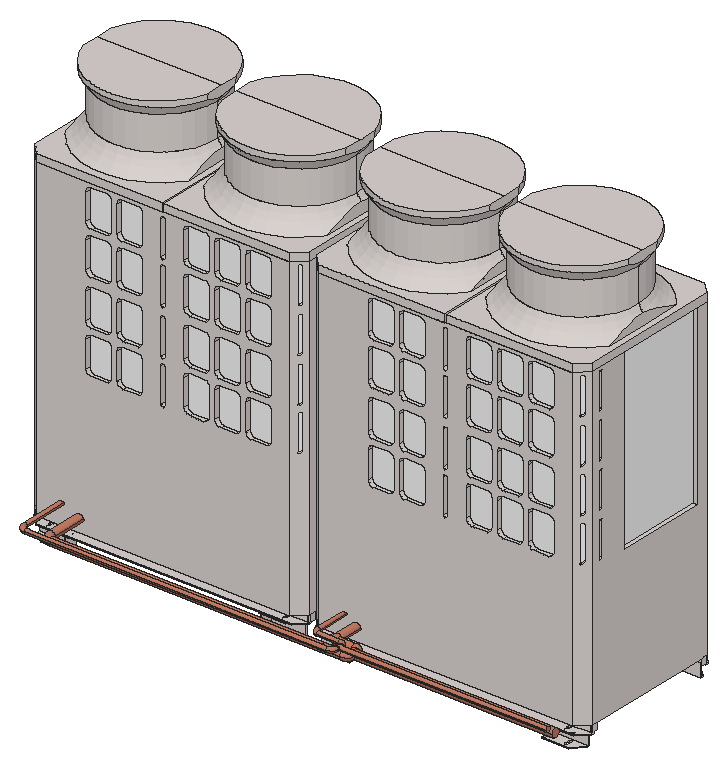
Revit family "PUHY-P800YSNW-A1", category Mechanical Equipment, Revit 2016
Family settings
  Part Type = Normal
  Round Connector Dimension = Use Radius
  OmniClass Number = 23.75.00.00
  OmniClass Title = Climate Control (HVAC)
  Work Plane-Based = No
  Always vertical = Yes
  Cut with Voids When Loaded = No
  Shared = No
  Room Calculation Point = No
Parameters (values of type "PUHY-P800YSNW-A1_415V_60Hz")
  Model = "PUHY-P800YSNW-A1"
  Width = 2510.000 mm
  WarrantyStart = ""
  Voltage = 415 V
  Unit Weight (kg) = 570
  URL = "http://www.mitsubishielectric.com/"
  Temp. range of heating (Outdoor temp.) (W.B.) = "-20.0 to 15.5"
  Temp. range of heating (Indoor temp.) (D.B.) = "15.0 to 27.0"
  Temp. range of cooling (Outdoor temp.) (D.B.) = "-5.0 to 52.0"
  Temp. range of cooling (Indoor temp.) (W.B.) = "15.0 to 24.0"
  TagNumber = 0
  Subcategory = "HVAC"
  Space View = yes
  Sound Pressure Level (dB(A)) Heating mode = 71
  Sound Pressure Level (dB(A)) Cooling mode = 67.5
  SerialNumber = 0
  ReplacementYear = ""
  Refrigerant type = "R410A"
  Refrigerant Charge (kg) = 20.6
  Protection Devices_Inverter circuit (COMP./FAN) = "Over-current protection"
  Protection Devices_High pressure (MPa) = "High pressure sensor, High pressure switch at 4.15"
  Phase = 3
  Manufacturer = "Mitsubishi Electric Corporation"
  Outdoor unit 2 Breaker size (A) = 40
  Outdoor unit 1 Breaker size (A) = 60
  Note_1 = "Refrigerant pipe diameters may change depending on the installation condition. Please refer to the installation manual."
  Maximum Circuit Ampacity (A) = 63.5
  Liquid pipe_radius = 9.525 mm
  InstallationDate = ""
  Indoor Unit Total Capacity = "50 to 130% of outdoor unit capacity"
  Indoor Unit Model/Quantity = "P10 to P250/2 to 50"
  Hertz = 60 Hz
  Height = 1858.000 mm
  Heating SCOP (kW/kW) = 3.88
  Heating Rated Load Ampacity (A) = 38.4
  Heating Power Input (kW) = 24.87
  Heating Power Input (Nominal) (kW) = 20.97
  Heating Current Input (Nominal) (A) = 32.4
  Heating Current Input (A) = 38.4
  Heating Capacity (kW) = 100
  Heating Capacity (Nominal) (kW) = 90
  Heating COP (kW/kW) = 4.02
  Heating COP (Nominal) (kW/kW) = 4.29
  Gas pipe_radius = 17.465 mm
  Fan_Type = "Propeller Fan"
  Fan_Quantity = 4
  Fan Motor Output (kW) = 1.84
  External static pressure (Pa) = 0
  External Finish = "Pre-coated galvanized steel sheets (+powder coating for -BS type) <MUNSELL 3Y 7.8/1.1 or similar>"
  Equip_description = ""
  Equip_No. = 0
  Equip_ID = ""
  Description = ""
  Depth = 740.000 mm
  CreatedOn = ""
  CreatedBy = ""
  Cooling SEER (kW/kW) = 6.48
  Cooling Rated Load Ampacity (A) = 40.6
  Cooling Power Input (kW) = 26.31
  Cooling EER (kW/kW) = 3.42
  Cooling Current Input (A) = 40.6
  Cooling Capacity (kW) = 90
  Compressor_Type = "Inverter scroll hermetic compressor"
  Compressor_Quantity = 2
  Compressor_Lubricant = "MEL32"
  Compressor Motor Output (kW) = 20.3
  Category = ""
  Barcode = ""
  AssetIdentifier = ""
  Airflow Rate (m3/min) = 575
  Airflow Rate (m3/h) = 34500
Reference planes
  plane 1 "Center (Front/Back)": y = 0
  plane 2: z = 0
  plane 3 "Center (Left/Right)": x = 0
  plane 4: y = 370
  plane 5 "front": y = -370
  plane 6: x = -1255
  plane 7: x = 1255
  plane 8: x = 15
  plane 9: x = -15
  plane 10: z = 1858
Forms (mm)
  Sweep 1, solid, material "Copper"
    path origin (1017.215, -4.248, 187) x (0, -1, 0) y (1, 0, 0)
      loop
        line (360, -2112.386) -> (570, -2112.386)
        arc (570, -2112.386) -> (591.213, -2103.6) -> (600, -2082.386) r 30
        line (600, -2082.386) -> (600, -725.507)
        arc (600, -725.507) -> (594.142, -711.365) -> (580, -705.507) r 20
        line (580, -705.507) -> (552.385, -705.507)
        arc (552.385, -705.507) -> (538.243, -711.365) -> (532.385, -725.507) r 20
        line (532.385, -725.507) -> (532.385, -821.501)
        arc (532.385, -821.501) -> (526.527, -835.643) -> (512.385, -841.501) r 20
        line (512.385, -841.501) -> (357.385, -841.501)
    profile origin (-1095.172, -469.248, 187) x (1, 0, 0) y (0, 0, 1)
      loop
        circle (0, 0) r 9.525
  Sweep 2, solid, material "Copper"
    path origin (1039.386, -4.248, 155) x (0, -1, 0) y (1, 0, 0)
      loop
        line (360, -2053) -> (525, -2053)
        arc (525, -2053) -> (546.213, -2044.213) -> (555, -2023) r 30
        line (555, -2023) -> (555, -800.253) -> (555, -715.253)
        arc (555, -715.253) -> (549.142, -701.111) -> (535, -695.253) r 20
        line (535, -695.253) -> (510, -695.253)
        arc (510, -695.253) -> (495.858, -701.111) -> (490, -715.253) r 20
        line (490, -715.253) -> (490, -786.253)
        arc (490, -786.253) -> (484.142, -800.395) -> (470, -806.253) r 20
        line (470, -806.253) -> (360, -806.253)
    profile origin (-1013.614, -446.748, 155) x (1, 0, 0) y (0, 0, 1)
      loop
        circle (0, 0) r 17.465
  Sweep 3, solid, material "Copper"
    path origin (934.386, -4.248, 187) x (0, -1, 0) y (1, 0, 0)
      loop
        line (565.96, -620) -> (565.96, 320.614)
    profile origin (784.693, -570.208, 187) x (0, 1, 0) y (0, 0, 1)
      loop
        circle (0, 0) r 9.525
  Sweep 4, solid, material "Copper"
    path origin (934.386, -4.248, 155.027) x (-1, 0, 0) y (0, -1, 0)
      loop
        line (585, 523.84) -> (-320, 523.84)
    profile origin (801.886, -528.088, 155.027) x (0, 1, 0) y (0, 0, 1)
      loop
        circle (0, 0) r 17.465
Dimensions and locks
  nested 1 to nested 1 = 1240.000 mm
  nested 1 to nested 2 to nested 2 = 30.000 mm, 1240.000 mm
  "Liquid pipe_radius": radius of Sweep 3 sketch curve
  "Gas pipe_radius": radius of Sweep 4 sketch curve
  aligned and locked: level to plane 2
Automatic sketch dimensions
  Sweep 1 sketch curve to plane 5 "front" = 8.366 mm
  Sweep 1 sketch curve to plane 5 "front" = 5.752 mm
  plane 5 "front" to Sweep 1 sketch curve = 146.634 mm
  Sweep 1 sketch curve to Sweep 1 sketch curve = 20.000 mm  (x2)
  plane 5 "front" to Sweep 1 sketch curve = 204.248 mm
  Sweep 1 sketch curve to Sweep 1 sketch curve = 27.615 mm
  Sweep 1 sketch curve to Sweep 1 sketch curve = 30.000 mm
  plane 6 to Sweep 1 sketch curve = 159.828 mm
  plane 3 "Center (Left/Right)" to Sweep 1 sketch curve = 175.714 mm
  Sweep 1 sketch curve to Sweep 1 sketch curve = 95.994 mm
  profile plane to Sweep 1 sketch curve = 0.000 mm
  Sweep 1 sketch curve to profile plane = 0.000 mm
  Sweep 2 sketch curve to plane 5 "front" = 5.752 mm  (x2)
  plane 5 "front" to Sweep 2 sketch curve = 104.248 mm
  Sweep 2 sketch curve to Sweep 2 sketch curve = 20.000 mm  (x3)
  plane 5 "front" to Sweep 2 sketch curve = 159.248 mm
  Sweep 2 sketch curve to Sweep 2 sketch curve = 25.000 mm
  plane 6 to Sweep 2 sketch curve = 241.386 mm
  plane 3 "Center (Left/Right)" to Sweep 2 sketch curve = 239.134 mm
  Sweep 2 sketch curve to Sweep 2 sketch curve = 6.000 mm
  Sweep 2 sketch curve to Sweep 2 sketch curve = 71.000 mm
  profile plane to Sweep 2 sketch curve = 0.000 mm
  Sweep 2 sketch curve to profile plane = 0.000 mm
  Sweep 3 sketch curve to plane 7 = 0.000 mm
  plane 5 "front" to Sweep 3 sketch curve = 200.208 mm
  plane 8 to Sweep 3 sketch curve = 299.386 mm
  Sweep 4 sketch curve to plane 7 = 0.614 mm
  plane 5 "front" to Sweep 4 sketch curve = 158.088 mm
  plane 8 to Sweep 4 sketch curve = 334.386 mm
  Sweep 3 sketch curve to profile plane = 0.000 mm  (x2)
  Sweep 4 sketch curve to profile plane = 0.000 mm  (x2)
  radius of Sweep 1 sketch curve = 9.525 mm
  radius of Sweep 2 sketch curve = 17.465 mm
Nested families
  nested 1: "PUHY-P450YNW-A1" at (-635, 0, 0), type "PUHY-P450YNW-A1"
  nested 2: "PUHY-P350YNW-A1" at (635, 0, 0), type "PUHY-P350YNW-A1"
Connectors
  piping at (1254.386, -528.088, 155.027), diameter 34.93, driven by "Gas pipe_radius"
    settings: on Sweep 4, index 1, connector inside diameter 34.93 mm, connector length 0.000 mm, flow factor 0, pipe flow 0.0 L/s, pressure drop 0.0 Pa, fitting loss kfactor 0, connector angle 0.00°, fixture units 0, engagement length 0.000 mm, angle of deflection 0.00°, flow configuration 0, flow direction 0, fitting loss method 0, system type 22, joint type 0, gender type 0, connector reference index -1, connector utility 0, adjustable connector no, is connector primary yes, connector description "Indoor unit-Twinning pipe(Gas)"
  piping at (1255, -570.208, 187), diameter 19.05, driven by "Liquid pipe_radius"
    settings: on Sweep 3, index 2, connector inside diameter 19.05 mm, connector length 0.000 mm, flow factor 0, pipe flow 0.0 L/s, pressure drop 0.0 Pa, fitting loss kfactor 0, connector angle 0.00°, fixture units 0, engagement length 0.000 mm, angle of deflection 0.00°, flow configuration 0, flow direction 0, fitting loss method 0, system type 22, joint type 0, gender type 0, connector reference index -1, connector utility 0, adjustable connector no, is connector primary no, connector description "Indoor unit-Twinning pipe(Liquid)"
  electrical at (319, -370, 280), driven by "Phase", driven by "Voltage"
    settings: index 4, voltage 415 V, apparent load 0 VA, apparent load phase1 0 VA, apparent load phase2 0 VA, apparent load phase3 0 VA, power factor 1, load classification "HVAC", number of poles 3, system type 30, power factor state 1, is connector primary yes, connector utility no, sub classification motor no, connector description ""
  electrical at (-633, -370, 280), driven by "Phase", driven by "Voltage"
    settings: index 5, voltage 415 V, apparent load 0 VA, apparent load phase1 0 VA, apparent load phase2 0 VA, apparent load phase3 0 VA, power factor 1, load classification "HVAC", number of poles 3, system type 30, power factor state 1, is connector primary no, connector utility no, sub classification motor no, connector description ""
Definition of nested family "PUHY-P450YNW-A1"
  Parameters (values of type "PUHY-P450YNW-A1")
    Model = "PUHY-P400YNW-A"
    URL = "http://www.mitsubishielectric.com/"
    Manufacturer = "Mitsubishi Electric Corporation"
    Liquid pipe_radius = 12.700 mm
    Gas pipe_radius = 14.290 mm
  Reference planes
    plane 1 "Center (Front/Back)": y = 0
    plane 2: z = 0
    plane 3 "Center (Left/Right)": x = 0
    plane 4: y = 370
    plane 5: z = 1858
    plane 6: y = -260
    plane 7: y = -204
    plane 8: y = -185
    plane 9: x = -620
    plane 10: x = 620
    plane 11: x = -620
    plane 12: z = 716
    plane 13: x = -524
    plane 14: z = 669
    plane 15: x = -50.5
    plane 16: x = 51
    plane 17: x = 489
    plane 18: x = 467
    plane 19 "132": x = 488
    plane 20 "100": z = 160
    plane 21: z = 185
    plane 22: x = 413
    plane 23: x = 364
    plane 24: z = 150
    plane 25: x = -287.25
    plane 26: x = -137.25
    plane 27: x = -272.25
    plane 28: y = -278
    plane 29: z = 1509
    plane 30: y = -370
    plane 31: x = -530
    plane 32: x = 530
    plane 33 "179": y = -191
  Forms (mm)
    Extrusion 1, solid
      sketch origin (-1, 0, 113) x (-1, 0, 0) y (0, -1, 0)
        loop
          line (569, -370) -> (619, -320) -> (619, 320) -> (569, 370) -> (-571, 370) -> (-621, 320) -> (-621, -320) -> (-571, -370) -> (569, -370)
      from -18 to 1408
    Extrusion 2, void
      sketch origin (524, -370, 113) x (1, 0, 0) y (0, 0, -1)
        loop
          arc (-60.8, -1393.5) -> (-42.557, -1385.943) -> (-35, -1367.7) r 25.8
          line (-35, -1367.7) -> (-35, -1248.5)
          arc (-35, -1248.5) -> (-42.557, -1230.257) -> (-60.8, -1222.7) r 25.8
          line (-60.8, -1222.7) -> (-126, -1222.7)
          arc (-126, -1222.7) -> (-144.243, -1230.257) -> (-151.8, -1248.5) r 25.8
          line (-151.8, -1248.5) -> (-151.8, -1367.7)
          arc (-151.8, -1367.7) -> (-144.243, -1385.943) -> (-126, -1393.5) r 25.8
          line (-126, -1393.5) -> (-60.8, -1393.5)
      from 0 to 20
    Extrusion 3, void
      sketch origin (524, -370, -81) x (1, 0, 0) y (0, 0, -1)
        loop
          arc (-60.8, -1393.5) -> (-42.557, -1385.943) -> (-35, -1367.7) r 25.8
          line (-35, -1367.7) -> (-35, -1248.5)
          arc (-35, -1248.5) -> (-42.557, -1230.257) -> (-60.8, -1222.7) r 25.8
          line (-60.8, -1222.7) -> (-126, -1222.7)
          arc (-126, -1222.7) -> (-144.243, -1230.257) -> (-151.8, -1248.5) r 25.8
          line (-151.8, -1248.5) -> (-151.8, -1367.7)
          arc (-151.8, -1367.7) -> (-144.243, -1385.943) -> (-126, -1393.5) r 25.8
          line (-126, -1393.5) -> (-60.8, -1393.5)
      from 0 to 20
    Extrusion 4, void
      sketch origin (524, -370, -287) x (1, 0, 0) y (0, 0, -1)
        loop
          arc (-60.8, -1393.5) -> (-42.557, -1385.943) -> (-35, -1367.7) r 25.8
          line (-35, -1367.7) -> (-35, -1248.5)
          arc (-35, -1248.5) -> (-42.557, -1230.257) -> (-60.8, -1222.7) r 25.8
          line (-60.8, -1222.7) -> (-126, -1222.7)
          arc (-126, -1222.7) -> (-144.243, -1230.257) -> (-151.8, -1248.5) r 25.8
          line (-151.8, -1248.5) -> (-151.8, -1367.7)
          arc (-151.8, -1367.7) -> (-144.243, -1385.943) -> (-126, -1393.5) r 25.8
          line (-126, -1393.5) -> (-60.8, -1393.5)
      from 0 to 20
    Extrusion 5, void
      sketch origin (524, -370, -481) x (1, 0, 0) y (0, 0, -1)
        loop
          arc (-60.8, -1393.5) -> (-42.557, -1385.943) -> (-35, -1367.7) r 25.8
          line (-35, -1367.7) -> (-35, -1248.5)
          arc (-35, -1248.5) -> (-42.557, -1230.257) -> (-60.8, -1222.7) r 25.8
          line (-60.8, -1222.7) -> (-126, -1222.7)
          arc (-126, -1222.7) -> (-144.243, -1230.257) -> (-151.8, -1248.5) r 25.8
          line (-151.8, -1248.5) -> (-151.8, -1367.7)
          arc (-151.8, -1367.7) -> (-144.243, -1385.943) -> (-126, -1393.5) r 25.8
          line (-126, -1393.5) -> (-60.8, -1393.5)
      from 0 to 20
    Extrusion 6, void
      sketch origin (384, -370, 113) x (1, 0, 0) y (0, 0, -1)
        loop
          arc (-60.8, -1393.5) -> (-42.557, -1385.943) -> (-35, -1367.7) r 25.8
          line (-35, -1367.7) -> (-35, -1248.5)
          arc (-35, -1248.5) -> (-42.557, -1230.257) -> (-60.8, -1222.7) r 25.8
          line (-60.8, -1222.7) -> (-126, -1222.7)
          arc (-126, -1222.7) -> (-144.243, -1230.257) -> (-151.8, -1248.5) r 25.8
          line (-151.8, -1248.5) -> (-151.8, -1367.7)
          arc (-151.8, -1367.7) -> (-144.243, -1385.943) -> (-126, -1393.5) r 25.8
          line (-126, -1393.5) -> (-60.8, -1393.5)
      from 0 to 20
    Extrusion 7, void
      sketch origin (384, -370, -81) x (1, 0, 0) y (0, 0, -1)
        loop
          arc (-60.8, -1393.5) -> (-42.557, -1385.943) -> (-35, -1367.7) r 25.8
          line (-35, -1367.7) -> (-35, -1248.5)
          arc (-35, -1248.5) -> (-42.557, -1230.257) -> (-60.8, -1222.7) r 25.8
          line (-60.8, -1222.7) -> (-126, -1222.7)
          arc (-126, -1222.7) -> (-144.243, -1230.257) -> (-151.8, -1248.5) r 25.8
          line (-151.8, -1248.5) -> (-151.8, -1367.7)
          arc (-151.8, -1367.7) -> (-144.243, -1385.943) -> (-126, -1393.5) r 25.8
          line (-126, -1393.5) -> (-60.8, -1393.5)
      from 0 to 20
    Extrusion 8, void
      sketch origin (384, -370, -287) x (1, 0, 0) y (0, 0, -1)
        loop
          arc (-60.8, -1393.5) -> (-42.557, -1385.943) -> (-35, -1367.7) r 25.8
          line (-35, -1367.7) -> (-35, -1248.5)
          arc (-35, -1248.5) -> (-42.557, -1230.257) -> (-60.8, -1222.7) r 25.8
          line (-60.8, -1222.7) -> (-126, -1222.7)
          arc (-126, -1222.7) -> (-144.243, -1230.257) -> (-151.8, -1248.5) r 25.8
          line (-151.8, -1248.5) -> (-151.8, -1367.7)
          arc (-151.8, -1367.7) -> (-144.243, -1385.943) -> (-126, -1393.5) r 25.8
          line (-126, -1393.5) -> (-60.8, -1393.5)
      from 0 to 20
    Extrusion 9, void
      sketch origin (384, -370, -481) x (1, 0, 0) y (0, 0, -1)
        loop
          arc (-60.8, -1393.5) -> (-42.557, -1385.943) -> (-35, -1367.7) r 25.8
          line (-35, -1367.7) -> (-35, -1248.5)
          arc (-35, -1248.5) -> (-42.557, -1230.257) -> (-60.8, -1222.7) r 25.8
          line (-60.8, -1222.7) -> (-126, -1222.7)
          arc (-126, -1222.7) -> (-144.243, -1230.257) -> (-151.8, -1248.5) r 25.8
          line (-151.8, -1248.5) -> (-151.8, -1367.7)
          arc (-151.8, -1367.7) -> (-144.243, -1385.943) -> (-126, -1393.5) r 25.8
          line (-126, -1393.5) -> (-60.8, -1393.5)
      from 0 to 20
    Extrusion 10, void
      sketch origin (244, -370, 113) x (1, 0, 0) y (0, 0, -1)
        loop
          arc (-60.8, -1393.5) -> (-42.557, -1385.943) -> (-35, -1367.7) r 25.8
          line (-35, -1367.7) -> (-35, -1248.5)
          arc (-35, -1248.5) -> (-42.557, -1230.257) -> (-60.8, -1222.7) r 25.8
          line (-60.8, -1222.7) -> (-126, -1222.7)
          arc (-126, -1222.7) -> (-144.243, -1230.257) -> (-151.8, -1248.5) r 25.8
          line (-151.8, -1248.5) -> (-151.8, -1367.7)
          arc (-151.8, -1367.7) -> (-144.243, -1385.943) -> (-126, -1393.5) r 25.8
          line (-126, -1393.5) -> (-60.8, -1393.5)
      from 0 to 20
    Extrusion 11, void
      sketch origin (244, -370, -81) x (1, 0, 0) y (0, 0, -1)
        loop
          arc (-60.8, -1393.5) -> (-42.557, -1385.943) -> (-35, -1367.7) r 25.8
          line (-35, -1367.7) -> (-35, -1248.5)
          arc (-35, -1248.5) -> (-42.557, -1230.257) -> (-60.8, -1222.7) r 25.8
          line (-60.8, -1222.7) -> (-126, -1222.7)
          arc (-126, -1222.7) -> (-144.243, -1230.257) -> (-151.8, -1248.5) r 25.8
          line (-151.8, -1248.5) -> (-151.8, -1367.7)
          arc (-151.8, -1367.7) -> (-144.243, -1385.943) -> (-126, -1393.5) r 25.8
          line (-126, -1393.5) -> (-60.8, -1393.5)
      from 0 to 20
    Extrusion 12, void
      sketch origin (244, -370, -287) x (1, 0, 0) y (0, 0, -1)
        loop
          arc (-60.8, -1393.5) -> (-42.557, -1385.943) -> (-35, -1367.7) r 25.8
          line (-35, -1367.7) -> (-35, -1248.5)
          arc (-35, -1248.5) -> (-42.557, -1230.257) -> (-60.8, -1222.7) r 25.8
          line (-60.8, -1222.7) -> (-126, -1222.7)
          arc (-126, -1222.7) -> (-144.243, -1230.257) -> (-151.8, -1248.5) r 25.8
          line (-151.8, -1248.5) -> (-151.8, -1367.7)
          arc (-151.8, -1367.7) -> (-144.243, -1385.943) -> (-126, -1393.5) r 25.8
          line (-126, -1393.5) -> (-60.8, -1393.5)
      from 0 to 20
    Extrusion 13, void
      sketch origin (244, -370, -481) x (1, 0, 0) y (0, 0, -1)
        loop
          arc (-60.8, -1393.5) -> (-42.557, -1385.943) -> (-35, -1367.7) r 25.8
          line (-35, -1367.7) -> (-35, -1248.5)
          arc (-35, -1248.5) -> (-42.557, -1230.257) -> (-60.8, -1222.7) r 25.8
          line (-60.8, -1222.7) -> (-126, -1222.7)
          arc (-126, -1222.7) -> (-144.243, -1230.257) -> (-151.8, -1248.5) r 25.8
          line (-151.8, -1248.5) -> (-151.8, -1367.7)
          arc (-151.8, -1367.7) -> (-144.243, -1385.943) -> (-126, -1393.5) r 25.8
          line (-126, -1393.5) -> (-60.8, -1393.5)
      from 0 to 20
    Extrusion 14, void
      sketch origin (-56, -370, 113) x (1, 0, 0) y (0, 0, -1)
        loop
          arc (-60.8, -1393.5) -> (-42.557, -1385.943) -> (-35, -1367.7) r 25.8
          line (-35, -1367.7) -> (-35, -1248.5)
          arc (-35, -1248.5) -> (-42.557, -1230.257) -> (-60.8, -1222.7) r 25.8
          line (-60.8, -1222.7) -> (-126, -1222.7)
          arc (-126, -1222.7) -> (-144.243, -1230.257) -> (-151.8, -1248.5) r 25.8
          line (-151.8, -1248.5) -> (-151.8, -1367.7)
          arc (-151.8, -1367.7) -> (-144.243, -1385.943) -> (-126, -1393.5) r 25.8
          line (-126, -1393.5) -> (-60.8, -1393.5)
      from 0 to 20
    Extrusion 15, void
      sketch origin (-56, -370, -81) x (1, 0, 0) y (0, 0, -1)
        loop
          arc (-60.8, -1393.5) -> (-42.557, -1385.943) -> (-35, -1367.7) r 25.8
          line (-35, -1367.7) -> (-35, -1248.5)
          arc (-35, -1248.5) -> (-42.557, -1230.257) -> (-60.8, -1222.7) r 25.8
          line (-60.8, -1222.7) -> (-126, -1222.7)
          arc (-126, -1222.7) -> (-144.243, -1230.257) -> (-151.8, -1248.5) r 25.8
          line (-151.8, -1248.5) -> (-151.8, -1367.7)
          arc (-151.8, -1367.7) -> (-144.243, -1385.943) -> (-126, -1393.5) r 25.8
          line (-126, -1393.5) -> (-60.8, -1393.5)
      from 0 to 20
    Extrusion 16, void
      sketch origin (-56, -370, -287) x (1, 0, 0) y (0, 0, -1)
        loop
          arc (-60.8, -1393.5) -> (-42.557, -1385.943) -> (-35, -1367.7) r 25.8
          line (-35, -1367.7) -> (-35, -1248.5)
          arc (-35, -1248.5) -> (-42.557, -1230.257) -> (-60.8, -1222.7) r 25.8
          line (-60.8, -1222.7) -> (-126, -1222.7)
          arc (-126, -1222.7) -> (-144.243, -1230.257) -> (-151.8, -1248.5) r 25.8
          line (-151.8, -1248.5) -> (-151.8, -1367.7)
          arc (-151.8, -1367.7) -> (-144.243, -1385.943) -> (-126, -1393.5) r 25.8
          line (-126, -1393.5) -> (-60.8, -1393.5)
      from 0 to 20
    Extrusion 17, void
      sketch origin (-56, -370, -481) x (1, 0, 0) y (0, 0, -1)
        loop
          arc (-60.8, -1393.5) -> (-42.557, -1385.943) -> (-35, -1367.7) r 25.8
          line (-35, -1367.7) -> (-35, -1248.5)
          arc (-35, -1248.5) -> (-42.557, -1230.257) -> (-60.8, -1222.7) r 25.8
          line (-60.8, -1222.7) -> (-126, -1222.7)
          arc (-126, -1222.7) -> (-144.243, -1230.257) -> (-151.8, -1248.5) r 25.8
          line (-151.8, -1248.5) -> (-151.8, -1367.7)
          arc (-151.8, -1367.7) -> (-144.243, -1385.943) -> (-126, -1393.5) r 25.8
          line (-126, -1393.5) -> (-60.8, -1393.5)
      from 0 to 20
    Extrusion 18, void
      sketch origin (-196, -370, 113) x (1, 0, 0) y (0, 0, -1)
        loop
          arc (-60.8, -1393.5) -> (-42.557, -1385.943) -> (-35, -1367.7) r 25.8
          line (-35, -1367.7) -> (-35, -1248.5)
          arc (-35, -1248.5) -> (-42.557, -1230.257) -> (-60.8, -1222.7) r 25.8
          line (-60.8, -1222.7) -> (-126, -1222.7)
          arc (-126, -1222.7) -> (-144.243, -1230.257) -> (-151.8, -1248.5) r 25.8
          line (-151.8, -1248.5) -> (-151.8, -1367.7)
          arc (-151.8, -1367.7) -> (-144.243, -1385.943) -> (-126, -1393.5) r 25.8
          line (-126, -1393.5) -> (-60.8, -1393.5)
      from 0 to 20
    Extrusion 19, void
      sketch origin (-196, -370, -81) x (1, 0, 0) y (0, 0, -1)
        loop
          arc (-60.8, -1393.5) -> (-42.557, -1385.943) -> (-35, -1367.7) r 25.8
          line (-35, -1367.7) -> (-35, -1248.5)
          arc (-35, -1248.5) -> (-42.557, -1230.257) -> (-60.8, -1222.7) r 25.8
          line (-60.8, -1222.7) -> (-126, -1222.7)
          arc (-126, -1222.7) -> (-144.243, -1230.257) -> (-151.8, -1248.5) r 25.8
          line (-151.8, -1248.5) -> (-151.8, -1367.7)
          arc (-151.8, -1367.7) -> (-144.243, -1385.943) -> (-126, -1393.5) r 25.8
          line (-126, -1393.5) -> (-60.8, -1393.5)
      from 0 to 20
    Extrusion 20, void
      sketch origin (-196, -370, -287) x (1, 0, 0) y (0, 0, -1)
        loop
          arc (-60.8, -1393.5) -> (-42.557, -1385.943) -> (-35, -1367.7) r 25.8
          line (-35, -1367.7) -> (-35, -1248.5)
          arc (-35, -1248.5) -> (-42.557, -1230.257) -> (-60.8, -1222.7) r 25.8
          line (-60.8, -1222.7) -> (-126, -1222.7)
          arc (-126, -1222.7) -> (-144.243, -1230.257) -> (-151.8, -1248.5) r 25.8
          line (-151.8, -1248.5) -> (-151.8, -1367.7)
          arc (-151.8, -1367.7) -> (-144.243, -1385.943) -> (-126, -1393.5) r 25.8
          line (-126, -1393.5) -> (-60.8, -1393.5)
      from 0 to 20
    Extrusion 21, void
      sketch origin (-196, -370, -481) x (1, 0, 0) y (0, 0, -1)
        loop
          arc (-60.8, -1393.5) -> (-42.557, -1385.943) -> (-35, -1367.7) r 25.8
          line (-35, -1367.7) -> (-35, -1248.5)
          arc (-35, -1248.5) -> (-42.557, -1230.257) -> (-60.8, -1222.7) r 25.8
          line (-60.8, -1222.7) -> (-126, -1222.7)
          arc (-126, -1222.7) -> (-144.243, -1230.257) -> (-151.8, -1248.5) r 25.8
          line (-151.8, -1248.5) -> (-151.8, -1367.7)
          arc (-151.8, -1367.7) -> (-144.243, -1385.943) -> (-126, -1393.5) r 25.8
          line (-126, -1393.5) -> (-60.8, -1393.5)
      from 0 to 20
    Extrusion 22, void
      sketch origin (620, 320, 113) x (0, 1, 0) y (0, 0, -1)
        loop
          line (-462.3, -1408) -> (-50.8, -1408) -> (-50.8, -612) -> (-462.3, -612) -> (-462.3, -1408)
      from 0 to 20
    Extrusion 23, void
      sketch origin (-620, -320, 113) x (0, -1, 0) y (0, 0, -1)
        loop
          line (-535.7, -1408) -> (-207.7, -1408) -> (-207.7, -592) -> (-535.7, -592) -> (-535.7, -1408)
      from 0 to 20
    Extrusion 24, void
      sketch origin (194.892, 370, 113) x (-1, 0, 0) y (0, 0, -1)
        loop
          arc (204.892, -1225.013) -> (194.892, -1215.013) -> (184.892, -1225.013) r 10
          line (184.892, -1225.013) -> (184.892, -1379.987)
          arc (184.892, -1379.987) -> (194.892, -1389.987) -> (204.892, -1379.987) r 10
          line (204.892, -1379.987) -> (204.892, -1225.013)
        loop
          arc (204.892, -1031.013) -> (194.892, -1021.013) -> (184.892, -1031.013) r 10
          line (184.892, -1031.013) -> (184.892, -1185.987)
          arc (184.892, -1185.987) -> (194.892, -1195.987) -> (204.892, -1185.987) r 10
          line (204.892, -1185.987) -> (204.892, -1031.013)
        loop
          arc (204.892, -825.013) -> (194.892, -815.013) -> (184.892, -825.013) r 10
          line (184.892, -825.013) -> (184.892, -979.987)
          arc (184.892, -979.987) -> (194.892, -989.987) -> (204.892, -979.987) r 10
          line (204.892, -979.987) -> (204.892, -825.013)
        loop
          arc (204.892, -631.013) -> (194.892, -621.013) -> (184.892, -631.013) r 10
          line (184.892, -631.013) -> (184.892, -785.987)
          arc (184.892, -785.987) -> (194.892, -795.987) -> (204.892, -785.987) r 10
          line (204.892, -785.987) -> (204.892, -631.013)
      from 0 to 20
    Extrusion 25, void
      sketch origin (-570, 370, 113) x (0.707107, 0.707107, 0) y (0, 0, 1)
        loop
          arc (-45.355, 1236) -> (-35.355, 1226) -> (-25.355, 1236) r 10
          line (-25.355, 1236) -> (-25.355, 1386)
          arc (-25.355, 1386) -> (-35.355, 1396) -> (-45.355, 1386) r 10
          line (-45.355, 1386) -> (-45.355, 1236)
        loop
          arc (-45.355, 1036) -> (-35.355, 1026) -> (-25.355, 1036) r 10
          line (-25.355, 1036) -> (-25.355, 1186)
          arc (-25.355, 1186) -> (-35.355, 1196) -> (-45.355, 1186) r 10
          line (-45.355, 1186) -> (-45.355, 1036)
        loop
          arc (-45.355, 836) -> (-35.355, 826) -> (-25.355, 836) r 10
          line (-25.355, 836) -> (-25.355, 986)
          arc (-25.355, 986) -> (-35.355, 996) -> (-45.355, 986) r 10
          line (-45.355, 986) -> (-45.355, 836)
        loop
          arc (-45.355, 641) -> (-35.355, 631) -> (-25.355, 641) r 10
          line (-25.355, 641) -> (-25.355, 791)
          arc (-25.355, 791) -> (-35.355, 801) -> (-45.355, 791) r 10
          line (-45.355, 791) -> (-45.355, 641)
      from 0 to 20
    Extrusion 26, void
      sketch origin (-620, -320, 113) x (0, -1, 0) y (0, 0, -1)
        loop
          line (-607.846, -1035.895) -> (-607.846, -1186.105)
          arc (-607.846, -1186.105) -> (-597.846, -1196.105) -> (-587.846, -1186.105) r 10
          line (-587.846, -1186.105) -> (-587.846, -1035.895)
          arc (-587.846, -1035.895) -> (-597.846, -1025.895) -> (-607.846, -1035.895) r 10
        loop
          line (-607.846, -835.895) -> (-607.846, -986.105)
          arc (-607.846, -986.105) -> (-597.846, -996.105) -> (-587.846, -986.105) r 10
          line (-587.846, -986.105) -> (-587.846, -835.895)
          arc (-587.846, -835.895) -> (-597.846, -825.895) -> (-607.846, -835.895) r 10
        loop
          line (-607.846, -1235.895) -> (-607.846, -1386.105)
          arc (-607.846, -1386.105) -> (-597.846, -1396.105) -> (-587.846, -1386.105) r 10
          line (-587.846, -1386.105) -> (-587.846, -1235.895)
          arc (-587.846, -1235.895) -> (-597.846, -1225.895) -> (-607.846, -1235.895) r 10
        loop
          line (-607.846, -635.895) -> (-607.846, -786.105)
          arc (-607.846, -786.105) -> (-597.846, -796.105) -> (-587.846, -786.105) r 10
          line (-587.846, -786.105) -> (-587.846, -635.895)
          arc (-587.846, -635.895) -> (-597.846, -625.895) -> (-607.846, -635.895) r 10
      from 0 to 20
    Extrusion 27, void
      sketch origin (1079, -370, 113) x (1, 0, 0) y (0, 0, -1)
        loop
          arc (-1089, -1379.975) -> (-1079, -1389.975) -> (-1069, -1379.975) r 10
          line (-1069, -1379.975) -> (-1069, -1225)
          arc (-1069, -1225) -> (-1079, -1215) -> (-1089, -1225) r 10
          line (-1089, -1225) -> (-1089, -1379.975)
        loop
          arc (-1089, -1185.975) -> (-1079, -1195.975) -> (-1069, -1185.975) r 10
          line (-1069, -1185.975) -> (-1069, -1031)
          arc (-1069, -1031) -> (-1079, -1021) -> (-1089, -1031) r 10
          line (-1089, -1031) -> (-1089, -1185.975)
        loop
          arc (-1089, -979.975) -> (-1079, -989.975) -> (-1069, -979.975) r 10
          line (-1069, -979.975) -> (-1069, -825)
          arc (-1069, -825) -> (-1079, -815) -> (-1089, -825) r 10
          line (-1089, -825) -> (-1089, -979.975)
        loop
          arc (-1089, -785.975) -> (-1079, -795.975) -> (-1069, -785.975) r 10
          line (-1069, -785.975) -> (-1069, -631)
          arc (-1069, -631) -> (-1079, -621) -> (-1089, -631) r 10
          line (-1089, -631) -> (-1089, -785.975)
      from 0 to 20
    Extrusion 28, void
      sketch origin (-571, 370, 113) x (-1, 0, 0) y (0, 0, -1)
        loop
          line (-519.5, -1408) -> (-48, -1408) -> (-48, -556) -> (-519.5, -556) -> (-519.5, -1408)
      from 0 to 20
    Extrusion 29, void
      sketch origin (-571, 370, 113) x (-1, 0, 0) y (0, 0, -1)
        loop
          line (-1038, -1408) -> (-622, -1408) -> (-622, -556) -> (-1038, -556) -> (-1038, -1408)
      from 0 to 20
    Extrusion 30, void
      sketch origin (620, 320, 113) x (0, 1, 0) y (0, 0, -1)
        loop
          arc (-588, -1035.791) -> (-598, -1025.791) -> (-608, -1035.791) r 10
          line (-608, -1035.791) -> (-608, -1186)
          arc (-608, -1186) -> (-598, -1196) -> (-588, -1186) r 10
          line (-588, -1186) -> (-588, -1035.791)
        loop
          arc (-588, -835.791) -> (-598, -825.791) -> (-608, -835.791) r 10
          line (-608, -835.791) -> (-608, -986)
          arc (-608, -986) -> (-598, -996) -> (-588, -986) r 10
          line (-588, -986) -> (-588, -835.791)
        loop
          arc (-588, -1235.791) -> (-598, -1225.791) -> (-608, -1235.791) r 10
          line (-608, -1235.791) -> (-608, -1386)
          arc (-608, -1386) -> (-598, -1396) -> (-588, -1386) r 10
          line (-588, -1386) -> (-588, -1235.791)
        loop
          arc (-588, -635.791) -> (-598, -625.791) -> (-608, -635.791) r 10
          line (-608, -635.791) -> (-608, -786)
          arc (-608, -786) -> (-598, -796) -> (-588, -786) r 10
          line (-588, -786) -> (-588, -635.791)
      from 0 to 20
    Extrusion 31, void
      sketch origin (1291.751, 351.751, 113) x (0.707107, 0.707107, 0) y (0, 0, -1)
        loop
          line (-995.311, -1236) -> (-995.311, -1386)
          arc (-995.311, -1386) -> (-985.311, -1396) -> (-975.311, -1386) r 10
          line (-975.311, -1386) -> (-975.311, -1236)
          arc (-975.311, -1236) -> (-985.311, -1226) -> (-995.311, -1236) r 10
        loop
          line (-995.311, -1036) -> (-995.311, -1186)
          arc (-995.311, -1186) -> (-985.311, -1196) -> (-975.311, -1186) r 10
          line (-975.311, -1186) -> (-975.311, -1036)
          arc (-975.311, -1036) -> (-985.311, -1026) -> (-995.311, -1036) r 10
        loop
          line (-995.311, -836) -> (-995.311, -986)
          arc (-995.311, -986) -> (-985.311, -996) -> (-975.311, -986) r 10
          line (-975.311, -986) -> (-975.311, -836)
          arc (-975.311, -836) -> (-985.311, -826) -> (-995.311, -836) r 10
        loop
          line (-995.311, -641) -> (-995.311, -791)
          arc (-995.311, -791) -> (-985.311, -801) -> (-975.311, -791) r 10
          line (-975.311, -791) -> (-975.311, -641)
          arc (-975.311, -641) -> (-985.311, -631) -> (-995.311, -641) r 10
      from 0 to 20
    Extrusion 32, void
      sketch origin (0, -191, 0) x (-1, 0, 0) y (0, 0, 1)
        loop
          circle (460, 176) r 6.35
      from 0 to 78.7
    Extrusion 33, void
      sketch origin (0, -191, 0) x (-1, 0, 0) y (0, 0, 1)
        loop
          circle (377, 176) r 14.29
      from 0 to 78.7
  Cuts and joins
    Extrusion 2, Extrusion 3, Extrusion 4, Extrusion 5, Extrusion 6, Extrusion 7, Extrusion 8, Extrusion 9, Extrusion 10, Extrusion 11, Extrusion 12, Extrusion 13, Extrusion 14, Extrusion 15, Extrusion 16, Extrusion 17, Extrusion 18, Extrusion 19, Extrusion 20, Extrusion 21, Extrusion 22, Extrusion 23, Extrusion 24, Extrusion 25, Extrusion 26, Extrusion 27, Extrusion 28, Extrusion 29, Extrusion 30, Extrusion 31, Extrusion 32, Extrusion 33 cuts Extrusion 1
  Lines and regions (mm)
    model lines
      curve 1: line (-351, -291, 95) -> (-481, -291, 95)
      curve 2: line (-342, -206, 95) -> (-342, -282, 95)
      curve 3: line (-481, -197, 95) -> (-351, -197, 95)
      curve 4: line (-492, -280, 95) -> (-492, -208, 95)
      curve 5: arc (-492, -280, 95) -> (-488.778, -287.778, 95) -> (-481, -291, 95) r 11
      curve 6: arc (-351, -291, 95) -> (-344.636, -288.364, 95) -> (-342, -282, 95) r 9
      curve 7: arc (-342, -206, 95) -> (-344.636, -199.636, 95) -> (-351, -197, 95) r 9
      curve 8: arc (-481, -197, 95) -> (-488.778, -200.222, 95) -> (-492, -208, 95) r 11
      curve 9: line (-30, -370, 1521) -> (-30, -370, 95)
      curve 10: line (30, -370, 1521) -> (30, -370, 95)
      curve 11: line (-485, -370, 215) -> (-357, -370, 215)
      curve 12: line (-495, -370, 141) -> (-495, -370, 205)
      curve 13: line (-357, -370, 131) -> (-485, -370, 131)
      curve 14: line (-347, -370, 205) -> (-347, -370, 141)
      curve 15: arc (-485, -370, 215) -> (-492.071, -370, 212.071) -> (-495, -370, 205) r 10
      curve 16: arc (-495, -370, 141) -> (-492.071, -370, 133.929) -> (-485, -370, 131) r 10
      curve 17: arc (-357, -370, 131) -> (-349.929, -370, 133.929) -> (-347, -370, 141) r 10
      curve 18: arc (-347, -370, 205) -> (-349.929, -370, 212.071) -> (-357, -370, 215) r 10
      curve 19: line (-405, -370, 1521) -> (-405, -370, 716)
      curve 20: line (620, -162.3, 1521) -> (620, -162.3, 95)
      curve 21: line (620, 289.2, 1521) -> (620, 289.2, 95)
      curve 22: line (620, -162.3, 705) -> (620, 289.2, 705)
      curve 23: line (620, -162.3, 725) -> (620, 289.2, 725)
      curve 24: line (620, -76.8, 583) -> (620, 203.2, 583)
      curve 25: line (620, 203.2, 563) -> (620, -76.8, 563)
      curve 26: arc (620, -76.8, 583) -> (620, -83.871, 580.071) -> (620, -86.8, 573) r 10
      curve 27: arc (620, -76.8, 563) -> (620, -83.871, 565.929) -> (620, -86.8, 573) r 10
      curve 28: arc (620, 203.2, 583) -> (620, 210.271, 580.071) -> (620, 213.2, 573) r 10
      curve 29: arc (620, 203.2, 563) -> (620, 210.271, 565.929) -> (620, 213.2, 573) r 10
      curve 30: line (620, -76.8, 478) -> (620, 203.2, 478)
      curve 31: line (620, 203.2, 458) -> (620, -76.8, 458)
      curve 32: arc (620, -76.8, 478) -> (620, -83.871, 475.071) -> (620, -86.8, 468) r 10
      curve 33: arc (620, -76.8, 458) -> (620, -83.871, 460.929) -> (620, -86.8, 468) r 10
      curve 34: arc (620, 203.2, 478) -> (620, 210.271, 475.071) -> (620, 213.2, 468) r 10
      curve 35: arc (620, 203.2, 458) -> (620, 210.271, 460.929) -> (620, 213.2, 468) r 10
      curve 36: line (620, -76.8, 373) -> (620, 203.2, 373)
      curve 37: line (620, 203.2, 353) -> (620, -76.8, 353)
      curve 38: arc (620, -76.8, 373) -> (620, -83.871, 370.071) -> (620, -86.8, 363) r 10
      curve 39: arc (620, -76.8, 353) -> (620, -83.871, 355.929) -> (620, -86.8, 363) r 10
      curve 40: arc (620, 203.2, 373) -> (620, 210.271, 370.071) -> (620, 213.2, 363) r 10
      curve 41: arc (620, 203.2, 353) -> (620, 210.271, 355.929) -> (620, 213.2, 363) r 10
      curve 42: line (620, -76.8, 268) -> (620, 203.2, 268)
      curve 43: line (620, 203.2, 248) -> (620, -76.8, 248)
      curve 44: arc (620, -76.8, 268) -> (620, -83.871, 265.071) -> (620, -86.8, 258) r 10
      curve 45: arc (620, -76.8, 248) -> (620, -83.871, 250.929) -> (620, -86.8, 258) r 10
      curve 46: arc (620, 203.2, 268) -> (620, 210.271, 265.071) -> (620, 213.2, 258) r 10
      curve 47: arc (620, 203.2, 248) -> (620, 210.271, 250.929) -> (620, 213.2, 258) r 10
      curve 48: line (-620, -162.3, 1521) -> (-620, -162.3, 95)
      curve 49: line (-620, 235.7, 1521) -> (-620, 235.7, 95)
      curve 50: line (-620, -112.3, 1521) -> (-620, -112.3, 705)
      curve 51: line (-620, 215.7, 1521) -> (-620, 215.7, 705)
      curve 52: line (-620, 235.7, 705) -> (-620, -162.3, 705)
      curve 53: line (-620, 176.7, 268) -> (-620, -103.3, 268)
      curve 54: line (-620, -103.3, 248) -> (-620, 176.7, 248)
      curve 55: arc (-620, 186.7, 258) -> (-620, 183.771, 265.071) -> (-620, 176.7, 268) r 10
      curve 56: arc (-620, 176.7, 248) -> (-620, 183.771, 250.929) -> (-620, 186.7, 258) r 10
      curve 57: arc (-620, -103.3, 268) -> (-620, -110.371, 265.071) -> (-620, -113.3, 258) r 10
      curve 58: arc (-620, -113.3, 258) -> (-620, -110.371, 250.929) -> (-620, -103.3, 248) r 10
      curve 59: line (-620, 176.7, 373) -> (-620, -103.3, 373)
      curve 60: line (-620, -103.3, 353) -> (-620, 176.7, 353)
      curve 61: arc (-620, 186.7, 363) -> (-620, 183.771, 370.071) -> (-620, 176.7, 373) r 10
      curve 62: arc (-620, 176.7, 353) -> (-620, 183.771, 355.929) -> (-620, 186.7, 363) r 10
      curve 63: arc (-620, -103.3, 373) -> (-620, -110.371, 370.071) -> (-620, -113.3, 363) r 10
      curve 64: arc (-620, -113.3, 363) -> (-620, -110.371, 355.929) -> (-620, -103.3, 353) r 10
      curve 65: line (-620, 176.7, 478) -> (-620, -103.3, 478)
      curve 66: line (-620, -103.3, 458) -> (-620, 176.7, 458)
      curve 67: arc (-620, 186.7, 468) -> (-620, 183.771, 475.071) -> (-620, 176.7, 478) r 10
      curve 68: arc (-620, 176.7, 458) -> (-620, 183.771, 460.929) -> (-620, 186.7, 468) r 10
      curve 69: arc (-620, -103.3, 478) -> (-620, -110.371, 475.071) -> (-620, -113.3, 468) r 10
      curve 70: arc (-620, -113.3, 468) -> (-620, -110.371, 460.929) -> (-620, -103.3, 458) r 10
      curve 71: line (-620, 176.7, 583) -> (-620, -103.3, 583)
      curve 72: line (-620, -103.3, 563) -> (-620, 176.7, 563)
      curve 73: arc (-620, 186.7, 573) -> (-620, 183.771, 580.071) -> (-620, 176.7, 583) r 10
      curve 74: arc (-620, 176.7, 563) -> (-620, 183.771, 565.929) -> (-620, 186.7, 573) r 10
      curve 75: arc (-620, -103.3, 583) -> (-620, -110.371, 580.071) -> (-620, -113.3, 573) r 10
      curve 76: arc (-620, -113.3, 573) -> (-620, -110.371, 565.929) -> (-620, -103.3, 563) r 10
      curve 77: line (-544, 370, 1521) -> (-544, 370, 95)
      curve 78: line (489, 370, 649) -> (30, 370, 649)
      curve 79: line (-30.5, 370, 649) -> (-544, 370, 649)
      curve 80: line (-147.25, 370, 584) -> (-427.25, 370, 584)
      curve 81: line (-427.25, 370, 564) -> (-147.25, 370, 564)
      curve 82: arc (-137.25, 370, 574) -> (-140.179, 370, 581.071) -> (-147.25, 370, 584) r 10
      curve 83: arc (-147.25, 370, 564) -> (-140.179, 370, 566.929) -> (-137.25, 370, 574) r 10
      curve 84: arc (-427.25, 370, 584) -> (-434.321, 370, 581.071) -> (-437.25, 370, 574) r 10
      curve 85: arc (-437.25, 370, 574) -> (-434.321, 370, 566.929) -> (-427.25, 370, 564) r 10
      curve 86: circle (448, -185, 1521) r 15 normal (0, 0, 1)
      curve 87: circle (468, -185, 95) r 26 normal (0, 0, 1)
      curve 88: circle (448, -260, 95) r 32.5 normal (0, 0, 1)
      curve 89: circle (404, -204, 95) r 17 normal (0, 0, 1)
      curve 90: line (-550, -370, 1521) -> (-550, -370, 95)
      curve 91: line (-550, -370, 716) -> (-30, -370, 716)
      curve 92: line (550, -370, 95) -> (550, -370, 1521)
      curve 93: line (30, -370, 716) -> (550, -370, 716)
      curve 94: line (-30.5, 370, 1521) -> (-30.5, 370, 95)
      curve 95: line (30, 370, 1521) -> (30, 370, 95)
      curve 96: line (489, 370, 1521) -> (489, 370, 95)
      curve 97: line (467, 370, 669) -> (467, 370, 649)
      curve 98: line (-352, -370, 223) -> (-550, -370, 223)
      curve 99: line (-342, -370, 213) -> (-342, -370, 95)
      curve 100: arc (-342, -370, 213) -> (-344.929, -370, 220.071) -> (-352, -370, 223) r 10
      curve 101: circle (488, -370, 160) r 32.5 normal (0, -1, 0)
      curve 102: circle (488, -370, 160) r 20 normal (0, -1, 0)
      curve 103: circle (364, -370, 150) r 17 normal (0, -1, 0)
      curve 104: circle (413, -370, 185) r 26 normal (0, -1, 0)
      curve 105: circle (413, -370, 185) r 13.5 normal (0, -1, 0)
      curve 106: line (352, -370, 223) -> (550, -370, 223)
      curve 107: line (342, -370, 213) -> (342, -370, 95)
      curve 108: arc (342, -370, 213) -> (344.929, -370, 220.071) -> (352, -370, 223) r 10
      curve 109: line (-147.25, 370, 479) -> (-427.25, 370, 479)
      curve 110: line (-427.25, 370, 459) -> (-147.25, 370, 459)
      curve 111: arc (-137.25, 370, 469) -> (-140.179, 370, 476.071) -> (-147.25, 370, 479) r 10
      curve 112: arc (-147.25, 370, 459) -> (-140.179, 370, 461.929) -> (-137.25, 370, 469) r 10
      curve 113: arc (-427.25, 370, 479) -> (-434.321, 370, 476.071) -> (-437.25, 370, 469) r 10
      curve 114: arc (-437.25, 370, 469) -> (-434.321, 370, 461.929) -> (-427.25, 370, 459) r 10
      curve 115: line (-147.25, 370, 374) -> (-427.25, 370, 374)
      curve 116: line (-427.25, 370, 354) -> (-147.25, 370, 354)
      curve 117: arc (-137.25, 370, 364) -> (-140.179, 370, 371.071) -> (-147.25, 370, 374) r 10
      curve 118: arc (-147.25, 370, 354) -> (-140.179, 370, 356.929) -> (-137.25, 370, 364) r 10
      curve 119: arc (-427.25, 370, 374) -> (-434.321, 370, 371.071) -> (-437.25, 370, 364) r 10
      curve 120: arc (-437.25, 370, 364) -> (-434.321, 370, 356.929) -> (-427.25, 370, 354) r 10
      curve 121: line (-147.25, 370, 269) -> (-427.25, 370, 269)
      curve 122: line (-427.25, 370, 249) -> (-147.25, 370, 249)
      curve 123: arc (-137.25, 370, 259) -> (-140.179, 370, 266.071) -> (-147.25, 370, 269) r 10
      curve 124: arc (-147.25, 370, 249) -> (-140.179, 370, 251.929) -> (-137.25, 370, 259) r 10
      curve 125: arc (-427.25, 370, 269) -> (-434.321, 370, 266.071) -> (-437.25, 370, 259) r 10
      curve 126: arc (-437.25, 370, 259) -> (-434.321, 370, 251.929) -> (-427.25, 370, 249) r 10
      curve 127: line (399.5, 370, 584) -> (119.5, 370, 584)
      curve 128: line (119.5, 370, 564) -> (399.5, 370, 564)
      curve 129: arc (409.5, 370, 574) -> (406.571, 370, 581.071) -> (399.5, 370, 584) r 10
      curve 130: arc (399.5, 370, 564) -> (406.571, 370, 566.929) -> (409.5, 370, 574) r 10
      curve 131: arc (119.5, 370, 584) -> (112.429, 370, 581.071) -> (109.5, 370, 574) r 10
      curve 132: arc (109.5, 370, 574) -> (112.429, 370, 566.929) -> (119.5, 370, 564) r 10
      curve 133: line (399.5, 370, 479) -> (119.5, 370, 479)
      curve 134: line (119.5, 370, 459) -> (399.5, 370, 459)
      curve 135: arc (409.5, 370, 469) -> (406.571, 370, 476.071) -> (399.5, 370, 479) r 10
      curve 136: arc (399.5, 370, 459) -> (406.571, 370, 461.929) -> (409.5, 370, 469) r 10
      curve 137: arc (119.5, 370, 479) -> (112.429, 370, 476.071) -> (109.5, 370, 469) r 10
      curve 138: arc (109.5, 370, 469) -> (112.429, 370, 461.929) -> (119.5, 370, 459) r 10
      curve 139: line (399.5, 370, 374) -> (119.5, 370, 374)
      curve 140: line (119.5, 370, 354) -> (399.5, 370, 354)
      curve 141: arc (409.5, 370, 364) -> (406.571, 370, 371.071) -> (399.5, 370, 374) r 10
      curve 142: arc (399.5, 370, 354) -> (406.571, 370, 356.929) -> (409.5, 370, 364) r 10
      curve 143: arc (119.5, 370, 374) -> (112.429, 370, 371.071) -> (109.5, 370, 364) r 10
      curve 144: arc (109.5, 370, 364) -> (112.429, 370, 356.929) -> (119.5, 370, 354) r 10
      curve 145: line (399.5, 370, 269) -> (119.5, 370, 269)
      curve 146: line (119.5, 370, 249) -> (399.5, 370, 249)
      curve 147: arc (409.5, 370, 259) -> (406.571, 370, 266.071) -> (399.5, 370, 269) r 10
      curve 148: arc (399.5, 370, 249) -> (406.571, 370, 251.929) -> (409.5, 370, 259) r 10
      curve 149: arc (119.5, 370, 269) -> (112.429, 370, 266.071) -> (109.5, 370, 259) r 10
      curve 150: arc (109.5, 370, 259) -> (112.429, 370, 251.929) -> (119.5, 370, 249) r 10
      curve 151: line (399.5, -370, 584) -> (119.5, -370, 584)
      curve 152: line (119.5, -370, 564) -> (399.5, -370, 564)
      curve 153: arc (409.5, -370, 574) -> (406.571, -370, 581.071) -> (399.5, -370, 584) r 10
      curve 154: arc (399.5, -370, 564) -> (406.571, -370, 566.929) -> (409.5, -370, 574) r 10
      curve 155: arc (119.5, -370, 584) -> (112.429, -370, 581.071) -> (109.5, -370, 574) r 10
      curve 156: arc (109.5, -370, 574) -> (112.429, -370, 566.929) -> (119.5, -370, 564) r 10
      curve 157: line (399.5, -370, 479) -> (119.5, -370, 479)
      curve 158: line (119.5, -370, 459) -> (399.5, -370, 459)
      curve 159: arc (409.5, -370, 469) -> (406.571, -370, 476.071) -> (399.5, -370, 479) r 10
      curve 160: arc (399.5, -370, 459) -> (406.571, -370, 461.929) -> (409.5, -370, 469) r 10
      curve 161: arc (119.5, -370, 479) -> (112.429, -370, 476.071) -> (109.5, -370, 469) r 10
      curve 162: arc (109.5, -370, 469) -> (112.429, -370, 461.929) -> (119.5, -370, 459) r 10
      curve 163: line (399.5, -370, 374) -> (119.5, -370, 374)
      curve 164: line (119.5, -370, 354) -> (399.5, -370, 354)
      curve 165: arc (409.5, -370, 364) -> (406.571, -370, 371.071) -> (399.5, -370, 374) r 10
      curve 166: arc (399.5, -370, 354) -> (406.571, -370, 356.929) -> (409.5, -370, 364) r 10
      curve 167: arc (119.5, -370, 374) -> (112.429, -370, 371.071) -> (109.5, -370, 364) r 10
      curve 168: arc (109.5, -370, 364) -> (112.429, -370, 356.929) -> (119.5, -370, 354) r 10
      curve 169: arc (119.5, -370, 269) -> (112.429, -370, 266.071) -> (109.5, -370, 259) r 10
      curve 170: arc (109.5, -370, 259) -> (112.429, -370, 251.929) -> (119.5, -370, 249) r 10
      curve 171: line (-147.25, -370, 584) -> (-427.25, -370, 584)
      curve 172: line (-427.25, -370, 564) -> (-147.25, -370, 564)
      curve 173: arc (-137.25, -370, 574) -> (-140.179, -370, 581.071) -> (-147.25, -370, 584) r 10
      curve 174: arc (-147.25, -370, 564) -> (-140.179, -370, 566.929) -> (-137.25, -370, 574) r 10
      curve 175: arc (-427.25, -370, 584) -> (-434.321, -370, 581.071) -> (-437.25, -370, 574) r 10
      curve 176: arc (-437.25, -370, 574) -> (-434.321, -370, 566.929) -> (-427.25, -370, 564) r 10
      curve 177: line (-147.25, -370, 479) -> (-427.25, -370, 479)
      curve 178: line (-427.25, -370, 459) -> (-147.25, -370, 459)
      curve 179: arc (-137.25, -370, 469) -> (-140.179, -370, 476.071) -> (-147.25, -370, 479) r 10
      curve 180: arc (-147.25, -370, 459) -> (-140.179, -370, 461.929) -> (-137.25, -370, 469) r 10
      curve 181: arc (-427.25, -370, 479) -> (-434.321, -370, 476.071) -> (-437.25, -370, 469) r 10
      curve 182: arc (-437.25, -370, 469) -> (-434.321, -370, 461.929) -> (-427.25, -370, 459) r 10
      curve 183: line (-147.25, -370, 374) -> (-427.25, -370, 374)
      curve 184: line (-427.25, -370, 354) -> (-147.25, -370, 354)
      curve 185: arc (-137.25, -370, 364) -> (-140.179, -370, 371.071) -> (-147.25, -370, 374) r 10
      curve 186: arc (-147.25, -370, 354) -> (-140.179, -370, 356.929) -> (-137.25, -370, 364) r 10
      curve 187: arc (-427.25, -370, 374) -> (-434.321, -370, 371.071) -> (-437.25, -370, 364) r 10
      curve 188: arc (-437.25, -370, 364) -> (-434.321, -370, 356.929) -> (-427.25, -370, 354) r 10
      curve 189: line (-147.25, -370, 269) -> (-262.25, -370, 269)
      curve 190: line (-262.25, -370, 249) -> (-147.25, -370, 249)
      curve 191: arc (-137.25, -370, 259) -> (-140.179, -370, 266.071) -> (-147.25, -370, 269) r 10
      curve 192: arc (-147.25, -370, 249) -> (-140.179, -370, 251.929) -> (-137.25, -370, 259) r 10
      curve 193: arc (-262.25, -370, 269) -> (-269.321, -370, 266.071) -> (-272.25, -370, 259) r 10
      curve 194: arc (-272.25, -370, 259) -> (-269.321, -370, 251.929) -> (-262.25, -370, 249) r 10
      curve 195: line (234.5, -370, 269) -> (119.5, -370, 269)
      curve 196: line (119.5, -370, 249) -> (234.5, -370, 249)
      curve 197: arc (244.5, -370, 259) -> (241.571, -370, 266.071) -> (234.5, -370, 269) r 10
      curve 198: arc (234.5, -370, 249) -> (241.571, -370, 251.929) -> (244.5, -370, 259) r 10
  Dimensions and locks
    nested 2 to nested 2 = 303.000 mm
    cut or joined group 1 (Extrusion 1, Extrusion 2, Extrusion 3, Extrusion 4, Extrusion 5, Extrusion 6, Extrusion 7, Extrusion 8, Extrusion 9, Extrusion 10, Extrusion 11, Extrusion 12, Extrusion 13, Extrusion 14, Extrusion 15, Extrusion 16, Extrusion 17, Extrusion 18, Extrusion 19, Extrusion 20, Extrusion 21, Extrusion 22, Extrusion 23, Extrusion 24, Extrusion 25, Extrusion 26, Extrusion 27, Extrusion 28, Extrusion 29, Extrusion 30, Extrusion 31, Extrusion 32, Extrusion 33) to cut or joined group 1 = 1240.000 mm
    Extrusion 2 sketch curve to Extrusion 2 sketch curve = 116.800 mm
    Extrusion 2 sketch curve to Extrusion 2 sketch curve = 170.800 mm
    Extrusion 3 sketch curve to Extrusion 3 sketch curve = 116.800 mm
    Extrusion 3 sketch curve to Extrusion 3 sketch curve = 170.800 mm
    Extrusion 4 sketch curve to Extrusion 4 sketch curve = 116.800 mm
    Extrusion 4 sketch curve to Extrusion 4 sketch curve = 170.800 mm
    Extrusion 5 sketch curve to Extrusion 5 sketch curve = 116.800 mm
    Extrusion 5 sketch curve to Extrusion 5 sketch curve = 170.800 mm
    Extrusion 6 sketch curve to Extrusion 6 sketch curve = 116.800 mm
    Extrusion 6 sketch curve to Extrusion 6 sketch curve = 170.800 mm
    Extrusion 7 sketch curve to Extrusion 7 sketch curve = 116.800 mm
    Extrusion 7 sketch curve to Extrusion 7 sketch curve = 170.800 mm
    Extrusion 8 sketch curve to Extrusion 8 sketch curve = 116.800 mm
    Extrusion 8 sketch curve to Extrusion 8 sketch curve = 170.800 mm
    Extrusion 9 sketch curve to Extrusion 9 sketch curve = 116.800 mm
    Extrusion 9 sketch curve to Extrusion 9 sketch curve = 170.800 mm
    cut or joined group 1 to cut or joined group 1 = 50.000 mm  (x2)
    Extrusion 10 sketch curve to Extrusion 10 sketch curve = 116.800 mm
    Extrusion 10 sketch curve to Extrusion 10 sketch curve = 170.800 mm
    Extrusion 11 sketch curve to Extrusion 11 sketch curve = 116.800 mm
    Extrusion 11 sketch curve to Extrusion 11 sketch curve = 170.800 mm
    Extrusion 12 sketch curve to Extrusion 12 sketch curve = 116.800 mm
    Extrusion 12 sketch curve to Extrusion 12 sketch curve = 170.800 mm
    Extrusion 13 sketch curve to Extrusion 13 sketch curve = 116.800 mm
    Extrusion 13 sketch curve to Extrusion 13 sketch curve = 170.800 mm
    Extrusion 14 sketch curve to Extrusion 14 sketch curve = 116.800 mm
    Extrusion 14 sketch curve to Extrusion 14 sketch curve = 170.800 mm
    Extrusion 15 sketch curve to Extrusion 15 sketch curve = 116.800 mm
    Extrusion 15 sketch curve to Extrusion 15 sketch curve = 170.800 mm
    Extrusion 16 sketch curve to Extrusion 16 sketch curve = 116.800 mm
    Extrusion 16 sketch curve to Extrusion 16 sketch curve = 170.800 mm
    Extrusion 17 sketch curve to Extrusion 17 sketch curve = 116.800 mm
    Extrusion 17 sketch curve to Extrusion 17 sketch curve = 170.800 mm
    Extrusion 18 sketch curve to Extrusion 18 sketch curve = 116.800 mm
    Extrusion 18 sketch curve to Extrusion 18 sketch curve = 170.800 mm
    Extrusion 19 sketch curve to Extrusion 19 sketch curve = 116.800 mm
    Extrusion 19 sketch curve to Extrusion 19 sketch curve = 170.800 mm
    Extrusion 20 sketch curve to Extrusion 20 sketch curve = 116.800 mm
    Extrusion 20 sketch curve to Extrusion 20 sketch curve = 170.800 mm
    Extrusion 21 sketch curve to Extrusion 21 sketch curve = 116.800 mm
    Extrusion 21 sketch curve to Extrusion 21 sketch curve = 170.800 mm
    plane 3 "Center (Left/Right)" to cut or joined group 1 = 620.000 mm
    cut or joined group 1 to plane 3 "Center (Left/Right)" = 620.000 mm
    Extrusion 1 sketch curve to Extrusion 1 sketch curve = 1240.000 mm
    cut or joined group 1 to plane 8 = 185.000 mm
    cut or joined group 1 to plane 7 = 166.000 mm
    cut or joined group 1 to plane 6 = 110.000 mm
